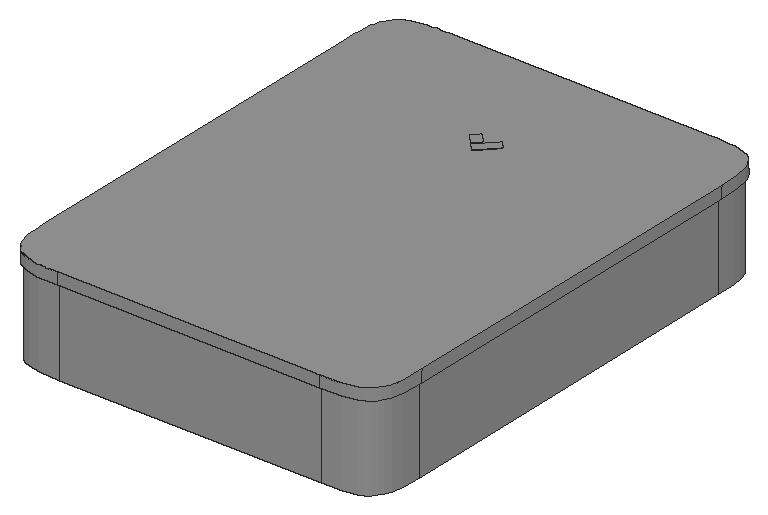
Revit family "AlarmsAlarmPanel", category Electrical Equipment, host Face, Revit 2019
Family settings
  Host = Face
  Round Connector Dimension = Use Diameter
  Part Type = Other Panel
  Cut with Voids When Loaded = No
  Shared = No
  Room Calculation Point = Yes
Parameters (values of type "BP41")
  Width = 319.6 mm
  URL = "https://www.verkada.com/alarms/panel/"
  Type Image = AC41-AX11-BP41.png
  Model = "BP41–HW"
  Manufacturer = "VERKADA"  # constant formula
  Length = 415.6 mm
  Height = 83.57 mm
  Description = "ALARM PANEL"
  Default Elevation = 1219.2 mm
  Corner Radius = 40 mm
Reference planes
  plane 1 "Center (Front/Back)": y = 0
  plane 2: z = 0
  plane 3 "Center (Left/Right)": x = 0
  plane 4: x = 159.8
  plane 5: y = 207.8
  plane 6: y = -207.8
  plane 7: x = -159.8
  plane 8: z = 83.57
Forms (mm)
  Extrusion 1, solid, material "Verkada Black"
    sketch origin (0, 0, 0) x (1, 0, 0) y (0, 1, 0)
      loop
        spline (-157.56, -159.605) -> (-157.144, -173.809) -> (-156, -183.435) -> (-154.29, -189.656) -> (-152.17, -193.65) -> (-149.794, -196.572) -> (-147.145, -199.038) -> (-144.029, -201.1) -> (-140.243, -202.779) -> (-135.553, -204.093) -> (-129.54, -205.02) -> (-121.718, -205.522) -> (-111.6, -205.565)
        line (-111.6, -205.565) -> (111.6, -205.565)
        spline (111.6, -205.565) -> (121.718, -205.522) -> (129.54, -205.02) -> (135.553, -204.093) -> (140.243, -202.779) -> (144.029, -201.1) -> (147.145, -199.038) -> (149.794, -196.572) -> (152.17, -193.65) -> (154.29, -189.656) -> (156, -183.435) -> (157.144, -173.809) -> (157.56, -159.605)
        line (157.56, -159.605) -> (157.56, 159.605)
        spline (157.56, 159.605) -> (157.144, 173.809) -> (156, 183.435) -> (154.29, 189.656) -> (152.17, 193.65) -> (149.794, 196.572) -> (147.145, 199.038) -> (144.029, 201.1) -> (140.243, 202.779) -> (135.553, 204.093) -> (129.54, 205.02) -> (121.718, 205.522) -> (111.6, 205.565)
        line (111.6, 205.565) -> (-111.6, 205.565)
        spline (-111.6, 205.565) -> (-121.718, 205.522) -> (-129.54, 205.02) -> (-135.553, 204.093) -> (-140.243, 202.779) -> (-144.029, 201.1) -> (-147.145, 199.038) -> (-149.794, 196.572) -> (-152.17, 193.65) -> (-154.29, 189.656) -> (-156, 183.435) -> (-157.144, 173.809) -> (-157.56, 159.605)
        line (-157.56, 159.605) -> (-157.56, -159.605)
    from 0 to 81.006
  Sweep 2, solid, material "Verkada White"
    path origin (0, 0, 0) x (1, 0, 0) y (0, 0, 1)
      loop
        line (0, 83.57) -> (0, 73.57)
    profile origin (0, 0, 78.57) x (0, -1, 0) y (1, 0, 0)
      loop
        spline (-207.8, -111.566) -> (-207.757, -121.791) -> (-207.243, -129.777) -> (-206.28, -136.025) -> (-204.885, -140.999) -> (-203.06, -145.105) -> (-200.789, -148.539) -> (-198.091, -151.437) -> (-194.924, -154.011) -> (-190.477, -156.373) -> (-183.848, -158.203) -> (-173.961, -159.378) -> (-159.605, -159.8)
        line (-159.605, -159.8) -> (159.605, -159.8)
        spline (159.605, -159.8) -> (173.961, -159.378) -> (183.848, -158.203) -> (190.477, -156.373) -> (194.924, -154.011) -> (198.091, -151.437) -> (200.789, -148.539) -> (203.06, -145.105) -> (204.885, -140.999) -> (206.28, -136.025) -> (207.243, -129.777) -> (207.757, -121.791) -> (207.8, -111.566)
        line (207.8, -111.566) -> (207.8, 111.566)
        spline (207.8, 111.566) -> (207.757, 121.791) -> (207.243, 129.777) -> (206.28, 136.025) -> (204.885, 140.999) -> (203.06, 145.105) -> (200.789, 148.539) -> (198.091, 151.437) -> (194.924, 154.011) -> (190.477, 156.373) -> (183.848, 158.203) -> (173.961, 159.378) -> (159.605, 159.8)
        line (159.605, 159.8) -> (-159.605, 159.8)
        spline (-159.605, 159.8) -> (-173.961, 159.378) -> (-183.848, 158.203) -> (-190.477, 156.373) -> (-194.924, 154.011) -> (-198.091, 151.437) -> (-200.789, 148.539) -> (-203.06, 145.105) -> (-204.885, 140.999) -> (-206.28, 136.025) -> (-207.243, 129.777) -> (-207.757, 121.791) -> (-207.8, 111.566)
        line (-207.8, 111.566) -> (-207.8, -111.566)
  Extrusion 3, solid, material "Verkada Black"
    sketch origin (0, 0, -28.375) x (1, 0, 0) y (0, 1, 0)
      loop
        line (-1.177, 106.44) -> (-7.923, 113.632)
        arc (-7.923, 113.632) -> (-8.47, 113.868) -> (-9.017, 113.63) r 0.749
        line (-9.017, 113.63) -> (-13.435, 108.892)
        arc (-13.435, 108.892) -> (-13.635, 108.384) -> (-13.434, 107.876) r 0.744
        line (-13.434, 107.876) -> (-6.619, 100.603) -> (-1.177, 106.44)
      loop
        line (7.923, 113.632) -> (-5.446, 99.379) -> (-0.543, 94.121)
        arc (-0.543, 94.121) -> (0, 93.885) -> (0.544, 94.12) r 0.744
        line (0.544, 94.12) -> (13.434, 107.876)
        arc (13.434, 107.876) -> (13.635, 108.384) -> (13.435, 108.892) r 0.744
        line (13.435, 108.892) -> (9.017, 113.63)
        arc (9.017, 113.63) -> (8.47, 113.868) -> (7.923, 113.632) r 0.749
    from 111.147 to 111.994
Dimensions and locks
  equal spacing: plane 7, plane 3 "Center (Left/Right)", plane 4
  "Width": plane 7 to plane 4
  "Height": plane 8 to level
  equal spacing: plane 6, plane 1 "Center (Front/Back)", plane 5
  "Length": plane 6 to plane 5
  plane 8 to host face = 83.57 mm
  aligned and locked: plane 2 to host face
  aligned and locked: level to host face
  aligned and locked: Sweep 2 sketch curve to plane 4
  aligned and locked: plane 5 to Sweep 2 sketch curve
  aligned and locked: Sweep 2 sketch curve to plane 6
  aligned and locked: plane 7 to Sweep 2 sketch curve
Automatic sketch dimensions
  host sketch curve to host sketch curve = 2438.4 mm  (x2)
  Sweep 2 sketch curve to plane 3 "Center (Left/Right)" = 0 mm
  Sweep 2 sketch curve to plane 8 = 0 mm
  plane 8 to Sweep 2 sketch curve = 10 mm
  Extrusion 3 sketch curve to plane 3 "Center (Left/Right)" = 13.435 mm
  Extrusion 3 sketch curve to Extrusion 3 sketch curve = 0.001 mm  (x2)
  Extrusion 3 sketch curve to Extrusion 3 sketch curve = 0.544 mm  (x2)
  Extrusion 3 sketch curve to Extrusion 3 sketch curve = 4.419 mm
  Extrusion 3 sketch curve to Extrusion 3 sketch curve = 0.547 mm  (x2)
  Extrusion 3 sketch curve to Extrusion 3 sketch curve = 0.546 mm  (x2)
  Extrusion 3 sketch curve to plane 3 "Center (Left/Right)" = 6.619 mm
  Extrusion 3 sketch curve to Extrusion 3 sketch curve = 1.174 mm
  Extrusion 3 sketch curve to plane 3 "Center (Left/Right)" = 1.177 mm
  Extrusion 3 sketch curve to plane 3 "Center (Left/Right)" = 0.543 mm
  plane 3 "Center (Left/Right)" to Extrusion 3 sketch curve = 0.001 mm
  plane 3 "Center (Left/Right)" to Extrusion 3 sketch curve = 0.544 mm
  plane 3 "Center (Left/Right)" to Extrusion 3 sketch curve = 7.923 mm
  Extrusion 3 sketch curve to Extrusion 3 sketch curve = 4.422 mm
  Extrusion 3 sketch curve to Extrusion 3 sketch curve = 0.543 mm
  Extrusion 3 sketch curve to plane 1 "Center (Front/Back)" = 94.12 mm
  Extrusion 3 sketch curve to Extrusion 3 sketch curve = 5.258 mm
  Extrusion 3 sketch curve to Extrusion 3 sketch curve = 1.224 mm
  Extrusion 3 sketch curve to Extrusion 3 sketch curve = 5.836 mm
  Extrusion 3 sketch curve to Extrusion 3 sketch curve = 7.272 mm
  Extrusion 3 sketch curve to Extrusion 3 sketch curve = 1.436 mm
  Extrusion 3 sketch curve to Extrusion 3 sketch curve = 0.509 mm  (x2)
  Extrusion 3 sketch curve to Extrusion 3 sketch curve = 4.735 mm  (x2)
  Extrusion 3 sketch curve to Extrusion 3 sketch curve = 0.511 mm  (x2)
  plane 7 to Extrusion 1 sketch curve = 2.24 mm
  Extrusion 1 sketch curve to plane 6 = 2.235 mm
  plane 7 to Extrusion 1 sketch curve = 48.2 mm  (x2)
  plane 5 to Extrusion 1 sketch curve = 2.235 mm
  Extrusion 1 sketch curve to plane 4 = 48.2 mm  (x2)
  Extrusion 1 sketch curve to plane 4 = 2.24 mm
  Extrusion 1 sketch curve to plane 6 = 48.195 mm  (x2)
  plane 5 to Extrusion 1 sketch curve = 48.195 mm  (x2)
  Sweep 2 sketch curve to Sweep 2 sketch curve = 48.195 mm  (x4)
  Sweep 2 sketch curve to Sweep 2 sketch curve = 48.234 mm  (x4)
Connectors
  electrical at (0, 0, 0)
    settings: index 2, voltage 0 V, apparent load 0 VA, apparent load phase1 0 VA, apparent load phase2 0 VA, apparent load phase3 0 VA, power factor 1, load classification "Other", number of poles 1, system type 10, power factor state 1, is connector primary yes, connector utility no, sub classification motor no, connector description ""
